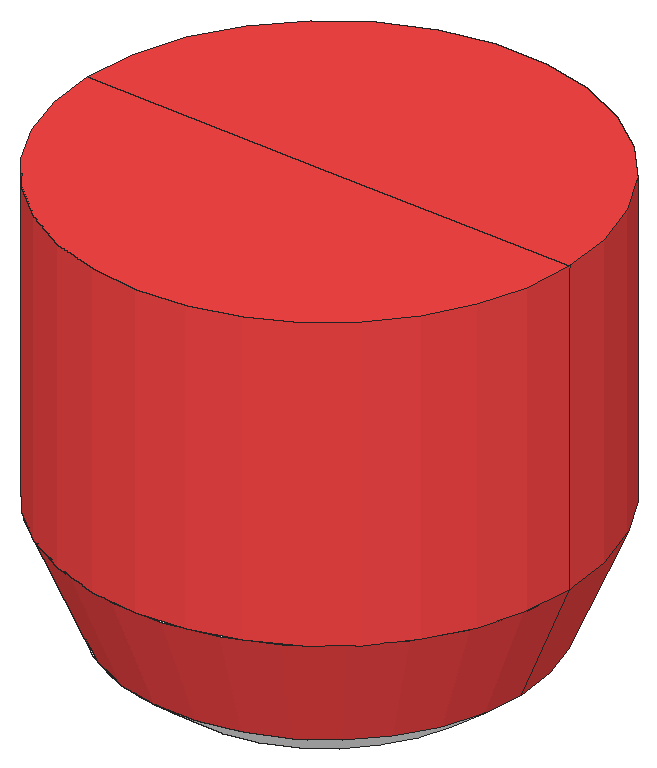
Revit family "CWSS-RW-S6 ENScape optisk-akustisk signalgiver rød_Tak", category Fire Alarm Devices, Revit 2016
Family settings
  Maintain Annotation Orientation = Yes
  Part Type = Normal
  Round Connector Dimension = Use Diameter
  OmniClass Number = 23.85.30.21.14.11
  OmniClass Title = Concentration Detection Bells and Sounders
  Work Plane-Based = No
  Always vertical = No
  Cut with Voids When Loaded = No
  Shared = No
  Room Calculation Point = No
Parameters (values of type "Akustisk signalgiver")
  Type Comments = "-XH"
  Reference Line Out [instance] = 10.00 mm
  NS8360 = "5423_XN1"
  Manufacturer = "Honeywell"
  Keynote = "XN1"
  CQ Symbol Positive Direction [instance] = yes
  CQ Symbol Offset Side [instance] = 0.00 mm
  CQ Symbol Offset Out [instance] = 0.00 mm
  CQ Material = Plastic - Red
  CQ Length B = 98.00 mm
  CQ Length A = 100.00 mm
  Assembly Code = "5423"
Reference planes
  plane 1 "Center (Front/Back)": y = 0
  plane 2: z = 0
  plane 3 "Center (Left/Right)": x = 0
  plane 4: x = -50
  plane 5: x = 50
  plane 6: z = -98
  plane 7: z = -83
Forms (mm)
  Revolve 1, solid, material "Plastic White Transparent"
    sketch origin (0, 0, 0) x (1, 0, 0) y (0, 0, 1)
      loop
        line (0, -83) -> (0, -98) -> (1, -98)
        arc (1, -98) -> (21.893, -94.121) -> (40, -83) r 58.2
        line (40, -83) -> (0, -83)
      axis (0, -83) -> (0, -98)
    angle from 0 to 360
  Revolve 2, solid, material "Plastic - Red" <- "CQ Material"
    sketch origin (0, 0, 0) x (1, 0, 0) y (0, 0, 1)
      loop
        line (0, 0) -> (0, -83) -> (40, -83) -> (50, -60) -> (50, 0) -> (0, 0)
      axis (0, 0) -> (0, -83)
    angle from 0 to 360
Lines and regions (mm)
  model lines, style "InvisibleLines"
    curve 1: line (0, 0, 0) -> (0, -43, 0)
    curve 2: line (0, 0, 0) -> (0, 0, 10)
Dimensions and locks
  equal spacing: plane 5, plane 3 "Center (Left/Right)", plane 4
  "CQ Length A": plane 5 to plane 4
  "CQ Length B": plane 6 to plane 2
  "Reference Line Out": curve 2 to level
  locked: plane 7 to plane 6 at 15
  aligned and locked: level to plane 2
  aligned and locked: curve 1 to plane 2
  aligned and locked: plane 3 "Center (Left/Right)" to nested 1
  aligned and locked: plane 1 "Center (Front/Back)" to nested 1
  aligned and locked: plane 2 to curve 2
  aligned and locked: plane 3 "Center (Left/Right)" to curve 2
  aligned and locked: Revolve 1 sketch curve to plane 7
  aligned and locked: Revolve 1 sketch curve to plane 6
  aligned and locked: Revolve 2 sketch curve to level
  aligned and locked: Revolve 2 sketch curve to plane 3 "Center (Left/Right)"
  aligned and locked: Revolve 2 sketch curve to plane 5
  aligned and locked: Revolve 2 sketch curve to plane 7
Automatic sketch dimensions
  curve 1 to plane 3 "Center (Left/Right)" = 0.00 mm
  plane 1 "Center (Front/Back)" to curve 1 = 0.00 mm
  plane 1 "Center (Front/Back)" to curve 1 = 43.00 mm
  Revolve 1 sketch curve to plane 3 "Center (Left/Right)" = 0.00 mm  (x2)
  Revolve 1 sketch curve to plane 6 = 0.00 mm
  plane 3 "Center (Left/Right)" to Revolve 1 sketch curve = 1.00 mm
  Revolve 1 sketch curve to level = 39.80 mm
  Revolve 1 sketch curve to Revolve 1 sketch curve = 12.20 mm
  Revolve 2 sketch curve to plane 3 "Center (Left/Right)" = 0.00 mm
  Revolve 2 sketch curve to plane 5 = 10.00 mm
  Revolve 2 sketch curve to plane 6 = 23.00 mm
  plane 7 to Revolve 2 sketch curve = 23.00 mm
  level to Revolve 2 sketch curve = 25.00 mm
Nested families
  nested 1: "Optisk alarmapparat" at (0, 0, 0), type "Type 1"
Connectors
  electrical at (0, 0, 0)
    settings: on Revolve 1, index 1, voltage 0 V, apparent load 0 VA, apparent load phase1 0 VA, apparent load phase2 0 VA, apparent load phase3 0 VA, power factor 1, load classification "Other", number of poles 1, system type 11, power factor state 1, is connector primary yes, connector utility no, sub classification motor no, connector description ""
Definition of nested family "Optisk alarmapparat"
  Parameters
    CQ Symbol Positive Direction = yes
    CQ Symbol Negative Direction = not(CQ Symbol Positive Direction)  # no
    CQ Symbol Offset Side = 0.00 mm
    CQ Symbol Offset Out = 0.00 mm
  Reference planes
    plane 1: y = 0
    plane 2: x = 0
  Dimensions and locks
    "CQ Symbol Offset Out": plane 1 to nested 2
    "CQ Symbol Offset Out": plane 1 to nested 1
    "CQ Symbol Offset Side": plane 2 to nested 1
    "CQ Symbol Offset Side": nested 2 to plane 2
  Nested families
    nested 1: "Optisk AlarmapparatSub" at (0, 0, 0), visible <- "CQ Symbol Positive Direction", type "Type 1"
    nested 2: "Optisk AlarmapparatSub" at (0, 0, 0), visible <- "CQ Symbol Negative Direction", type "Type 1"
  Definition of nested family "Optisk AlarmapparatSub"
    Reference planes
      plane 1: y = 0
      plane 2: x = 0
    Lines and regions (mm)
      detail lines
        curve 1: circle (0, 0, 0) r 2.5 normal (0, 0, 1)
        curve 2: line (-1.768, 1.768, 0) -> (1.768, -1.768, 0)
        curve 3: line (-1.768, -1.768, 0) -> (1.768, 1.768, 0)
        curve 4: line (-0.001, 3, 0) -> (4.748, 3, 0)
    Text (mm)
      text "PL" at (1.733, 4.587, 0)
